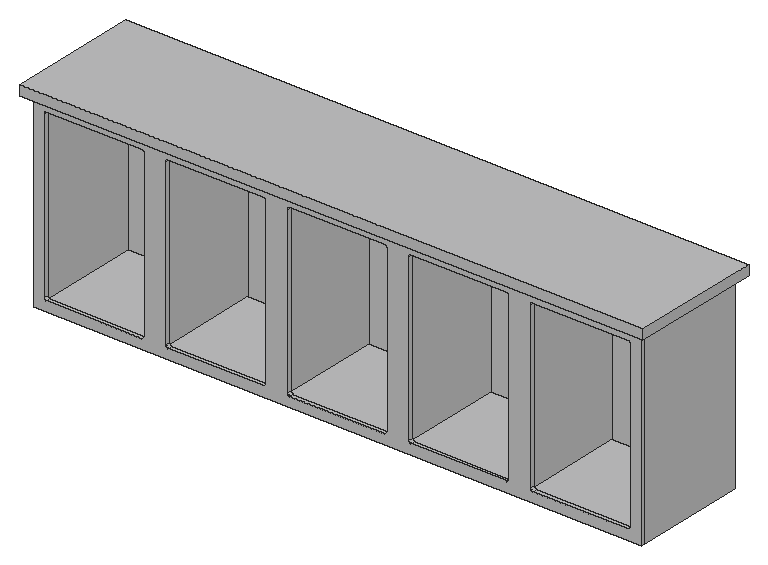
Revit family "Bench_Locker-Bradley_Corp-Lenox_5_Cubby_Bench", category Specialty Equipment, Revit 2021
Family settings
  Round Connector Dimension = Use Diameter
  Part Type = Normal
  OmniClass Number = 23.40.00.00
  OmniClass Title = Equipment and Furnishings
  Work Plane-Based = No
  Always vertical = Yes
  Cut with Voids When Loaded = No
  Shared = No
  Room Calculation Point = No
Parameters (values of type "60" Long - 5 Cubby Locker")
  Warranty Information = "20 years"
  Version = "2023-08-18"
  URL = "http://www.bradleycorp.com/"
  Type Comments = ""
  Tiers = 2
  Technical Data = ""
  Specifications URL = "https://www.bradleycorp.com/mediamanager/view/10380/CSI_Specification_Guideline_Section_105126.pdf"
  Product Tech Data URL - Spanish = ""
  Product Tech Data URL - French = ""
  Product Tech Data URL - English = "https://www.bradleycorp.com/mediamanager/view/10121/Cubby_Bench_Locker.pdf"
  Product Page URL = "https://www.bradleycorp.com/product/cubby-bench-lockers"
  OmniClass Table 23 Title = "Clothing Lockers"
  OmniClass Table 23 Number = "23-21 15 15"
  OmniClass Table 21 Title = "Storage Specialties"
  OmniClass Table 21 Number = "21-03 10 90 70"
  Modeling Code = ""
  Material Note = "Other colors available - see www.bradleycorp.com"
  MasterFormat Title = "Plastic Lockers"
  MasterFormat Number = "10 51 26"
  Locker Bench/Frame Material [instance] = Plastic - Bradley Corp - HDPE - Gray
  Model = "Lenox Cubby Bench Lockers"
  Manufacturer = "Bradley Corporation"
  Industry Standards = "n/a"
  Height = 19 3/4"
  Fire Rating = "n/a"
  Thickness [instance] = 3" / 8  # 3/8"
  Door Type [instance] = "Standard"
  Description = "Solid Plastic Cubby Bench & Lockers"
  Default Elevation = 0"
  Copyright = "This Model Data is Property of Bradley Corporation"
  Construction Comments [instance] = ""
  Bench Length [instance] = 60"
  Assembly Code = "C1030310"
  ADA Compliant = no
Reference planes (in)
  plane 1 "Center (Front/Back)": y = -3.25
  plane 2: z = -8.5
  plane 3 "C.O. Bench": x = 20.25
  plane 4 "Bottom": z = 0
  plane 5 "F.O. Bench": y = -9
  plane 6 "Left": x = -9.75
  plane 7 "Center L/T": x = 38.25
  plane 8 "Center L/U": x = 2.25
  plane 9 "Center L/V": x = 26.25
  plane 10 "C.O. Divider": x = 14.25
  plane 11 "Top of Bench": z = 19.75
  plane 12 "B.O. Bench Top": z = 18.75
  plane 13 "E.O. Bench Top LEFT": x = -10.5
  plane 14 "F.O. Bench Top": y = -9.75
  plane 15 "B.O. Bench Base": y = 2.5
  plane 16 "B.O. Face Plate": y = -8.625
  plane 17 "Bench Top Back": y = 3.25
  plane 18 "Left Inside Cabinet": x = -9.375
  plane 19: z = 0.375
  plane 20 "Center L/BB": x = 50.25
  plane 21 "Right Inside Cabinet": x = 49.875
  plane 22 "E.O. Bench Top RIGHT": x = 51
  plane 23 "Center L/CC": y = 2.125
Forms (in)
  Extrusion 1, solid, material "Plastic - Bradley Corp - HDPE - Gray" <- "Locker Bench/Frame Material", detail levels medium+fine
    sketch origin (-0.75, -9, 0) x (-1, 0, 0) y (0, 0, 1)
      loop
        line (9, 0) -> (9, 18.75) -> (-51, 18.75) -> (-51, 0) -> (9, 0)
      loop
        arc (-1.6875, 17.75) -> (-1.86428, 17.67678) -> (-1.9375, 17.5) r 0.25
        line (-1.9375, 17.5) -> (-1.9375, 1.25)
        arc (-1.9375, 1.25) -> (-1.86428, 1.07322) -> (-1.6875, 1) r 0.25
        line (-1.6875, 1) -> (7.6875, 1)
        arc (7.6875, 1) -> (7.86428, 1.07322) -> (7.9375, 1.25) r 0.25
        line (7.9375, 1.25) -> (7.9375, 17.5)
        arc (7.9375, 17.5) -> (7.86428, 17.67678) -> (7.6875, 17.75) r 0.25
        line (7.6875, 17.75) -> (-1.6875, 17.75)
      loop
        arc (-13.9375, 1.25) -> (-13.86428, 1.07322) -> (-13.6875, 1) r 0.25
        line (-13.6875, 1) -> (-4.3125, 1)
        arc (-4.3125, 1) -> (-4.13572, 1.07322) -> (-4.0625, 1.25) r 0.25
        line (-4.0625, 1.25) -> (-4.0625, 17.5)
        arc (-4.0625, 17.5) -> (-4.13572, 17.67678) -> (-4.3125, 17.75) r 0.25
        line (-4.3125, 17.75) -> (-13.6875, 17.75)
        arc (-13.6875, 17.75) -> (-13.86428, 17.67678) -> (-13.9375, 17.5) r 0.25
        line (-13.9375, 17.5) -> (-13.9375, 1.25)
      loop
        line (-16.0625, 1.25) -> (-16.0625, 17.5)
        arc (-16.0625, 17.5) -> (-16.13572, 17.67678) -> (-16.3125, 17.75) r 0.25
        line (-16.3125, 17.75) -> (-25.6875, 17.75)
        arc (-25.6875, 17.75) -> (-25.86428, 17.67678) -> (-25.9375, 17.5) r 0.25
        line (-25.9375, 17.5) -> (-25.9375, 1.25)
        arc (-25.9375, 1.25) -> (-25.86428, 1.07322) -> (-25.6875, 1) r 0.25
        line (-25.6875, 1) -> (-16.3125, 1)
        arc (-16.3125, 1) -> (-16.13572, 1.07322) -> (-16.0625, 1.25) r 0.25
      loop
        line (-40.3125, 17.75) -> (-49.6875, 17.75)
        arc (-49.6875, 17.75) -> (-49.86428, 17.67678) -> (-49.9375, 17.5) r 0.25
        line (-49.9375, 17.5) -> (-49.9375, 1.25)
        arc (-49.9375, 1.25) -> (-49.86428, 1.07322) -> (-49.6875, 1) r 0.25
        line (-49.6875, 1) -> (-40.3125, 1)
        arc (-40.3125, 1) -> (-40.13572, 1.07322) -> (-40.0625, 1.25) r 0.25
        line (-40.0625, 1.25) -> (-40.0625, 17.5)
        arc (-40.0625, 17.5) -> (-40.13572, 17.67678) -> (-40.3125, 17.75) r 0.25
      loop
        arc (-37.9375, 1.25) -> (-37.86428, 1.07322) -> (-37.6875, 1) r 0.25
        line (-37.6875, 1) -> (-28.3125, 1)
        arc (-28.3125, 1) -> (-28.13572, 1.07322) -> (-28.0625, 1.25) r 0.25
        line (-28.0625, 1.25) -> (-28.0625, 17.5)
        arc (-28.0625, 17.5) -> (-28.13572, 17.67678) -> (-28.3125, 17.75) r 0.25
        line (-28.3125, 17.75) -> (-37.6875, 17.75)
        arc (-37.6875, 17.75) -> (-37.86428, 17.67678) -> (-37.9375, 17.5) r 0.25
        line (-37.9375, 17.5) -> (-37.9375, 1.25)
    from 0 to 0.375
  Extrusion 2, solid, material "Plastic - Bradley Corp - HDPE - Gray" <- "Locker Bench/Frame Material", detail levels medium+fine
    sketch origin (-11.71161, -6.5, 0) x (1, 0, 0) y (0, 0, 1)
      loop
        line (61.58661, 18.75) -> (2.33661, 18.75) -> (2.33661, 0) -> (61.58661, 0) -> (61.58661, 18.75)
    from -9 to -8.625
  Extrusion 3, solid, material "Plastic - Bradley Corp - HDPE - Gray" <- "Locker Bench/Frame Material"
    sketch origin (0, -9, 0) x (-1, 0, 0) y (0, 0, 1)
      loop
        line (10.5, 18.75) -> (10.5, 19.75) -> (-51, 19.75) -> (-51, 18.75) -> (10.5, 18.75)
    from -0.75 to 12.25
  Extrusion 4, solid, material "Plastic - Bradley Corp - HDPE - Gray" <- "Locker Bench/Frame Material"
    sketch origin (-60, -180, 0) x (-1, 0, 0) y (0, -1, 0)
      loop
        line (-50.625, -182.5) -> (-50.625, -171.375) -> (-109.875, -171.375) -> (-109.875, -182.5) -> (-50.625, -182.5)
    from 0 to 0.375
  Extrusion 5, solid, material "Plastic - Bradley Corp - HDPE - Gray" <- "Locker Bench/Frame Material"
    sketch origin (88.5, -180, 0) x (1, 0, 0) y (0, 1, 0)
      loop
        line (-97.875, 182.5) -> (-98.25, 182.5) -> (-98.25, 171.375) -> (-97.875, 171.375) -> (-97.875, 182.5)
    from 0 to 18.75
  Extrusion 6, solid, material "Plastic - Bradley Corp - HDPE - Gray" <- "Locker Bench/Frame Material"
    sketch origin (-60, -180, 0) x (-1, 0, 0) y (0, -1, 0)
      loop
        line (-62.0625, -171.375) -> (-62.4375, -171.375) -> (-62.4375, -182.125) -> (-62.0625, -182.125) -> (-62.0625, -171.375)
    from 0.375 to 18.75
  Extrusion 7, solid, material "Plastic - Bradley Corp - HDPE - Gray" <- "Locker Bench/Frame Material"
    sketch origin (76.5, -180, 0) x (1, 0, 0) y (0, 1, 0)
      loop
        line (-62.0625, 171.375) -> (-62.0625, 182.125) -> (-62.4375, 182.125) -> (-62.4375, 171.375) -> (-62.0625, 171.375)
    from 0.375 to 18.75
  Extrusion 8, solid, material "Plastic - Bradley Corp - HDPE - Gray" <- "Locker Bench/Frame Material"
    sketch origin (88.5, -180, 0) x (1, 0, 0) y (0, 1, 0)
      loop
        line (-62.0625, 171.375) -> (-62.0625, 182.125) -> (-62.4375, 182.125) -> (-62.4375, 171.375) -> (-62.0625, 171.375)
    from 0.375 to 18.75
  Extrusion 9, solid, material "Plastic - Bradley Corp - HDPE - Gray" <- "Locker Bench/Frame Material"
    sketch origin (-48, -180, 0) x (-1, 0, 0) y (0, -1, 0)
      loop
        line (-97.875, -182.5) -> (-97.875, -171.375) -> (-98.25, -171.375) -> (-98.25, -182.5) -> (-97.875, -182.5)
    from 0 to 18.75
  Extrusion 10, solid, material "Plastic - Bradley Corp - HDPE - Gray" <- "Locker Bench/Frame Material"
    sketch origin (100.5, -180, 0) x (1, 0, 0) y (0, 1, 0)
      loop
        line (-62.0625, 171.375) -> (-62.0625, 182.125) -> (-62.4375, 182.125) -> (-62.4375, 171.375) -> (-62.0625, 171.375)
    from 0.375 to 18.75
Dimensions and locks (in)
  locked: plane 15 "B.O. Bench Base" to plane 5 "F.O. Bench" at 11.5
  locked: Extrusion 1 sketch curve to plane 4 "Bottom" at 1
  "Bench Length": plane 20 "Center L/BB" to plane 6 "Left"
  plane 20 "Center L/BB" to plane 7 "Center L/T" to plane 9 "Center L/V" to plane 10 "C.O. Divider" to plane 8 "Center L/U" to plane 6 "Left" = 12", 12", 12", 12", 12"
  "Height": plane 11 "Top of Bench" to level
  locked: plane 12 "B.O. Bench Top" to level at 18.75
  locked: plane 13 "E.O. Bench Top LEFT" to plane 6 "Left" at 0.75
  locked: plane 5 "F.O. Bench" to plane 14 "F.O. Bench Top" at 0.75
  locked: plane 16 "B.O. Face Plate" to plane 5 "F.O. Bench" at 0.375
  equal spacing: plane 15 "B.O. Bench Base", plane 1 "Center (Front/Back)", plane 5 "F.O. Bench", locked at 5.75 each
  locked: plane 17 "Bench Top Back" to plane 14 "F.O. Bench Top" at 13
  plane 17 "Bench Top Back" to plane 15 "B.O. Bench Base" = 3/4"
  locked: plane 6 "Left" to plane 18 "Left Inside Cabinet" at 0.375
  Extrusion 1 sketch curve to Extrusion 1 sketch curve = 9 7/8"  (x3)
  Extrusion 1 sketch curve to plane 8 "Center L/U" = 1 1/16"
  Extrusion 1 sketch curve to plane 10 "C.O. Divider" = 1 1/16"
  locked: plane 19 to level at 0.375
  equal spacing: plane 10 "C.O. Divider", plane 3 "C.O. Bench", plane 9 "Center L/V"
  Extrusion 1 to Extrusion 1 = 9 7/8"  (x2)
  locked: plane 15 "B.O. Bench Base" to plane 23 "Center L/CC" at 0.375
  locked: plane 20 "Center L/BB" to plane 22 "E.O. Bench Top RIGHT" at 0.75
  locked: plane 21 "Right Inside Cabinet" to plane 20 "Center L/BB" at 0.375
  aligned and locked: Extrusion 3 to plane 17 "Bench Top Back"
  aligned and locked: Extrusion 3 to plane 13 "E.O. Bench Top LEFT"  (x2)
  aligned and locked: plane 12 "B.O. Bench Top" to Extrusion 5
  aligned and locked: Extrusion 3 to plane 14 "F.O. Bench Top"
  aligned and locked: Extrusion 3 to plane 12 "B.O. Bench Top"
  aligned and locked: Extrusion 5 to plane 12 "B.O. Bench Top"
  aligned and locked: plane 12 "B.O. Bench Top" to Extrusion 2
  aligned and locked: plane 12 "B.O. Bench Top" to Extrusion 6
  aligned and locked: Extrusion 5 to plane 6 "Left"
  aligned and locked: plane 17 "Bench Top Back" to Extrusion 3  (x2)
  aligned and locked: plane 15 "B.O. Bench Base" to Extrusion 2
  aligned and locked: Extrusion 1 to plane 5 "F.O. Bench"
  aligned and locked: level to plane 4 "Bottom"
  aligned and locked: plane 19 to Extrusion 8
  aligned and locked: plane 19 to Extrusion 7
  aligned and locked: plane 19 to Extrusion 6
  aligned and locked: plane 14 "F.O. Bench Top" to Extrusion 3
  aligned and locked: Extrusion 3 to plane 11 "Top of Bench"
  aligned and locked: Extrusion 6 to plane 12 "B.O. Bench Top"
  aligned and locked: plane 12 "B.O. Bench Top" to Extrusion 7
  aligned and locked: plane 12 "B.O. Bench Top" to Extrusion 8
  aligned and locked: Extrusion 1 to plane 12 "B.O. Bench Top"
  aligned and locked: Extrusion 3 to plane 22 "E.O. Bench Top RIGHT"
  aligned and locked: Extrusion 4 to plane 21 "Right Inside Cabinet"
  aligned and locked: Extrusion 2 to plane 21 "Right Inside Cabinet"
  aligned and locked: Extrusion 1 to plane 16 "B.O. Face Plate"
  aligned and locked: plane 23 "Center L/CC" to Extrusion 10
  aligned and locked: plane 23 "Center L/CC" to Extrusion 8
  aligned and locked: plane 23 "Center L/CC" to Extrusion 7
  aligned and locked: plane 23 "Center L/CC" to Extrusion 6
  aligned and locked: Extrusion 2 to plane 18 "Left Inside Cabinet"
Automatic sketch dimensions
  plane 6 "Left" to Extrusion 2 sketch curve = 3/8"
  Extrusion 2 sketch curve to level = 0"
  plane 21 "Right Inside Cabinet" to Extrusion 2 sketch curve = 0"
  Extrusion 2 sketch curve to plane 12 "B.O. Bench Top" = 0"
  Extrusion 3 sketch curve to plane 12 "B.O. Bench Top" = 0"
  plane 22 "E.O. Bench Top RIGHT" to Extrusion 3 sketch curve = 0"
  Extrusion 3 sketch curve to plane 11 "Top of Bench" = 0"
  Extrusion 3 sketch curve to plane 13 "E.O. Bench Top LEFT" = 0"
  Extrusion 4 sketch curve to plane 15 "B.O. Bench Base" = 0"
  Extrusion 4 sketch curve to plane 21 "Right Inside Cabinet" = 0"
  plane 16 "B.O. Face Plate" to Extrusion 4 sketch curve = 0"
  Extrusion 4 sketch curve to plane 18 "Left Inside Cabinet" = 0"
  Extrusion 5 sketch curve to plane 6 "Left" = 0"
  plane 16 "B.O. Face Plate" to Extrusion 5 sketch curve = 0"
  Extrusion 5 sketch curve to plane 18 "Left Inside Cabinet" = 0"
  Extrusion 5 sketch curve to plane 15 "B.O. Bench Base" = 0"
  plane 16 "B.O. Face Plate" to Extrusion 6 sketch curve = 0"
  Extrusion 6 sketch curve to plane 15 "B.O. Bench Base" = 3/8"
  plane 8 "Center L/U" to Extrusion 6 sketch curve = 3/16"
  Extrusion 6 sketch curve to plane 8 "Center L/U" = 3/16"
  plane 16 "B.O. Face Plate" to Extrusion 7 sketch curve = 0"
  Extrusion 7 sketch curve to plane 15 "B.O. Bench Base" = 3/8"
  plane 10 "C.O. Divider" to Extrusion 7 sketch curve = 3/16"
  Extrusion 7 sketch curve to plane 10 "C.O. Divider" = 3/16"
  plane 16 "B.O. Face Plate" to Extrusion 8 sketch curve = 0"
  Extrusion 8 sketch curve to plane 15 "B.O. Bench Base" = 3/8"
  plane 9 "Center L/V" to Extrusion 8 sketch curve = 3/16"
  Extrusion 8 sketch curve to plane 9 "Center L/V" = 3/16"
  Extrusion 9 sketch curve to plane 15 "B.O. Bench Base" = 0"
  Extrusion 9 sketch curve to plane 20 "Center L/BB" = 0"
  plane 16 "B.O. Face Plate" to Extrusion 9 sketch curve = 0"
  Extrusion 9 sketch curve to plane 21 "Right Inside Cabinet" = 0"
  plane 16 "B.O. Face Plate" to Extrusion 10 sketch curve = 0"
  Extrusion 10 sketch curve to plane 15 "B.O. Bench Base" = 3/8"
  plane 7 "Center L/T" to Extrusion 10 sketch curve = 3/16"
  Extrusion 10 sketch curve to plane 7 "Center L/T" = 3/16"
  plane 20 "Center L/BB" to Extrusion 1 sketch curve = 0"
  Extrusion 1 sketch curve to plane 6 "Left" = 0"
  Extrusion 1 sketch curve to level = 0"
  Extrusion 1 sketch curve to plane 12 "B.O. Bench Top" = 0"
  plane 21 "Right Inside Cabinet" to Extrusion 1 sketch curve = 11/16"
  Extrusion 1 sketch curve to Extrusion 1 sketch curve = 1/4"  (x17)
  Extrusion 1 sketch curve to plane 7 "Center L/T" = 1 5/16"  (x2)
  plane 7 "Center L/T" to Extrusion 1 sketch curve = 1 1/16"
  Extrusion 1 sketch curve to plane 9 "Center L/V" = 1 5/16"  (x2)
  plane 9 "Center L/V" to Extrusion 1 sketch curve = 1 1/16"
  Extrusion 1 sketch curve to plane 19 = 5/8"  (x4)
  Extrusion 1 sketch curve to plane 10 "C.O. Divider" = 1 5/16"  (x2)
  plane 10 "C.O. Divider" to Extrusion 1 sketch curve = 1 1/16"
  Extrusion 1 sketch curve to plane 8 "Center L/U" = 1 1/16"
  Extrusion 1 sketch curve to plane 12 "B.O. Bench Top" = 1 1/4"  (x5)
